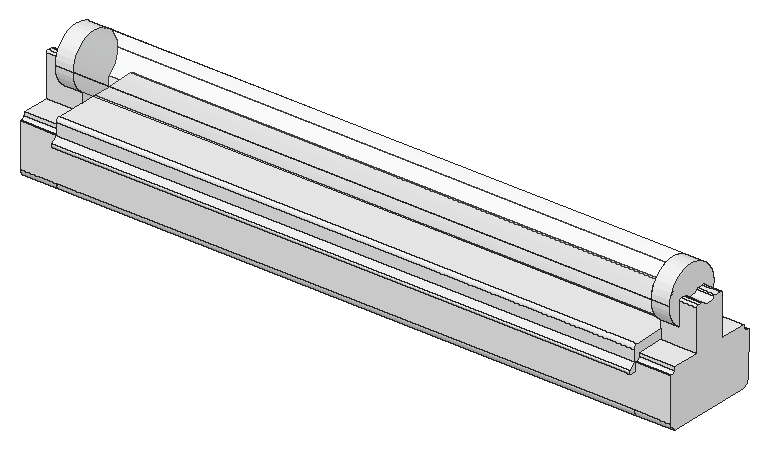
Revit family "CH1.5", category Lighting Fixtures, host Face, Revit 2012
Parameters (values of type "CH1.5")
  Wattage Comments = "14W - 54W"
  Wattage = 54 W
  built-in parameter 1150110 = 1 (stored number, unit not read)
  URL = "http://www.columbialighting.com/"
  built-in parameter 1114217 = 1 (stored number, unit not read)
  Tilt Angle = -90.00°
  built-in parameter 1150109 = 1 (stored number, unit not read)
  built-in parameter 1150134 = 3
  built-in parameter 1150113 = 1 (stored number, unit not read)
  Product Page URL = "http://www.columbialighting.com/products/ch"
  Product Documentation Link = "http://www.columbialighting.com/content/products/specs/specs_files/ch1_5.pdf"
  Photometric Web File = "generic"
  built-in parameter 1150142 = (empty or 0)
  Model = "CH1.5"  # constant formula
  Manufacturer Phone = "864.678.1000"  # constant formula
  Manufacturer Fax = "866.898.1065"  # constant formula
  Manufacturer = "Columbia Lighting"  # constant formula
  built-in parameter 1150105 = 638.31 (stored number, unit not read)
  Lumens = 8021.27 lm
  built-in parameter 1150115 = 1 (stored number, unit not read)
  built-in parameter 1150137 = (empty or 0)
  built-in parameter 1150139 = (empty or 0)
  built-in parameter 1150112 = 1 (stored number, unit not read)
  built-in parameter 1150114 = 1 (stored number, unit not read)
  Lamp = "1"  # constant formula
  built-in parameter 1150132 = (empty or 0)
  built-in parameter 1150102 = (empty or 0)
  built-in parameter 1150107 = 3200 (stored number, unit not read)
  built-in parameter 1150138 = (empty or 0)
  built-in parameter 1150106 = 6.3831 (stored number, unit not read)
  Glass = Glass
  Emit from Line Length = 15.000"
  built-in parameter 1150104 = 13.8 (stored number, unit not read)
  Dimming Lamp Color Temperature Shift = <None>
  Description = "18 Heavy Duty Narrow Channel / 1-Lamp T12"  # constant formula
  Default Elevation = 48.000"
  Color Filter = 16777215
  built-in parameter 1114218 = 1 (stored number, unit not read)
  Backbox = White
  built-in parameter 1150133 = 10 (stored number, unit not read)
Reference planes (in)
  plane 1 "Center (Front/Back)": y = 0.03999
  plane 2: z = 0
  plane 3 "Center (Left/Right)": x = -6.92646
  plane 4: y = 1.53999
  plane 5: y = -1.46001
  plane 6: x = -15.92646
  plane 7: x = 2.07354
  plane 8: x = -15.42646
  plane 9: x = 1.57354
  plane 10: z = 3.4375
  plane 11: z = 1.5625
  plane 12: x = 1.07354
  plane 13: x = -14.92646
  plane 14: z = 1.8125
Forms (in)
  Extrusion 1, solid, material "White" <- "Backbox"
    sketch origin (-6.92646, 0, 0) x (0, 1, 0) y (0, 0, 1)
      loop
        line (0.03999, 1.5625) -> (-1.1639, 1.5625) -> (-1.1639, 1.4809)
        arc (-1.1639, 1.4809) -> (-1.18847, 1.42158) -> (-1.2478, 1.397) r 0.08389
        line (-1.2478, 1.397) -> (-1.30283, 1.397) -> (-1.30283, 0.20563)
        arc (-1.30283, 0.20563) -> (-1.24261, 0.06023) -> (-1.09721, 0) r 0.20563
        line (-1.09721, 0) -> (0.03999, 0) -> (1.17719, 0)
        arc (1.17719, 0) -> (1.32259, 0.06023) -> (1.38282, 0.20563) r 0.20563
        line (1.38282, 0.20563) -> (1.38282, 1.397) -> (1.32778, 1.397)
        arc (1.32778, 1.397) -> (1.26846, 1.42158) -> (1.24388, 1.4809) r 0.08389
        line (1.24388, 1.4809) -> (1.24388, 1.5625) -> (0.03999, 1.5625)
    from -9 to -8
  Extrusion 2, solid, material "White" <- "Backbox"
    sketch origin (-6.92646, 0, 0) x (0, 1, 0) y (0, 0, 1)
      loop
        line (1.38282, 0.20563) -> (1.38282, 1.147) -> (1.48609, 1.147)
        arc (1.48609, 1.147) -> (1.53766, 1.18078) -> (1.52729, 1.24156) r 0.05626
        arc (1.52729, 1.24156) -> (1.45578, 1.31995) -> (1.38282, 1.397) r 5.7198
        line (1.38282, 1.397) -> (1.38282, 1.71027)
        arc (1.38282, 1.71027) -> (1.35288, 1.78256) -> (1.28059, 1.8125) r 0.10223
        line (1.28059, 1.8125) -> (0.03999, 1.8125) -> (-1.20061, 1.8125)
        arc (-1.20061, 1.8125) -> (-1.27289, 1.78256) -> (-1.30283, 1.71027) r 0.10223
        line (-1.30283, 1.71027) -> (-1.30283, 1.397)
        arc (-1.30283, 1.397) -> (-1.37579, 1.31995) -> (-1.44731, 1.24156) r 5.7198
        arc (-1.44731, 1.24156) -> (-1.45768, 1.18078) -> (-1.40611, 1.147) r 0.05626
        line (-1.40611, 1.147) -> (-1.30283, 1.147) -> (-1.30283, 0.20563)
        arc (-1.30283, 0.20563) -> (-1.24261, 0.06023) -> (-1.09721, 0) r 0.20563
        line (-1.09721, 0) -> (0.03999, 0) -> (1.17719, 0)
        arc (1.17719, 0) -> (1.32259, 0.06023) -> (1.38282, 0.20563) r 0.20563
    from -8 to 8
  Extrusion 3, solid, material "White" <- "Backbox"
    sketch origin (-6.92646, 0, 0) x (0, 1, 0) y (0, 0, 1)
      loop
        line (1.24388, 1.4809) -> (1.24388, 1.5625) -> (0.03999, 1.5625) -> (-1.1639, 1.5625) -> (-1.1639, 1.4809)
        arc (-1.1639, 1.4809) -> (-1.18847, 1.42158) -> (-1.2478, 1.397) r 0.08389
        line (-1.2478, 1.397) -> (-1.30283, 1.397) -> (-1.30283, 0.20563)
        arc (-1.30283, 0.20563) -> (-1.24261, 0.06023) -> (-1.09721, 0) r 0.20563
        line (-1.09721, 0) -> (0.03999, 0) -> (1.17719, 0)
        arc (1.17719, 0) -> (1.32259, 0.06023) -> (1.38282, 0.20563) r 0.20563
        line (1.38282, 0.20563) -> (1.38282, 1.397) -> (1.32778, 1.397)
        arc (1.32778, 1.397) -> (1.26846, 1.42158) -> (1.24388, 1.4809) r 0.08389
    from 8 to 9
  Extrusion 4, solid, material "White" <- "Backbox"
    sketch origin (-6.92646, 0, 0) x (0, 1, 0) y (0, 0, 1)
      loop
        circle (0.03999, 2.67788) r 0.75962
    from 8 to 8.5
  Extrusion 5, solid, material "White" <- "Backbox"
    sketch origin (-6.92646, 0, 0) x (0, 1, 0) y (0, 0, 1)
      loop
        line (-0.20913, 2.7447) -> (-0.33744, 2.7447)
        arc (-0.33744, 2.7447) -> (-0.37267, 2.73011) -> (-0.38726, 2.69488) r 0.04982
        line (-0.38726, 2.69488) -> (-0.38726, 1.5625) -> (0.46724, 1.5625) -> (0.46724, 2.6918)
        arc (0.46724, 2.6918) -> (0.45174, 2.72921) -> (0.41433, 2.7447) r 0.05291
        line (0.41433, 2.7447) -> (0.2463, 2.7447)
        arc (0.2463, 2.7447) -> (0.22298, 2.73902) -> (0.20488, 2.72324) r 0.0507
        arc (0.20488, 2.72324) -> (0.02033, 2.62769) -> (-0.16483, 2.72204) r 0.22742
        arc (-0.16483, 2.72204) -> (-0.18425, 2.73871) -> (-0.20913, 2.7447) r 0.05462
    from -9 to -8
  Extrusion 6, solid, material "White" <- "Backbox"
    sketch origin (-6.92646, 0, 0) x (0, 1, 0) y (0, 0, 1)
      loop
        line (0.41433, 2.7447) -> (0.2463, 2.7447)
        arc (0.2463, 2.7447) -> (0.22298, 2.73902) -> (0.20488, 2.72324) r 0.0507
        arc (0.20488, 2.72324) -> (0.02033, 2.62769) -> (-0.16483, 2.72204) r 0.22742
        arc (-0.16483, 2.72204) -> (-0.18425, 2.73871) -> (-0.20913, 2.7447) r 0.05462
        line (-0.20913, 2.7447) -> (-0.33744, 2.7447)
        arc (-0.33744, 2.7447) -> (-0.37267, 2.73011) -> (-0.38726, 2.69488) r 0.04982
        line (-0.38726, 2.69488) -> (-0.38726, 1.5625) -> (0.46724, 1.5625) -> (0.46724, 2.6918)
        arc (0.46724, 2.6918) -> (0.45174, 2.72921) -> (0.41433, 2.7447) r 0.05291
    from 8 to 9
  Extrusion 7, solid, material "Glass" <- "Glass"
    sketch origin (-6.92646, 0, 0) x (0, 1, 0) y (0, 0, 1)
      loop
        circle (0.03999, 2.67788) r 0.75
    from -8 to 8
  Extrusion 8, solid, material "White" <- "Backbox"
    sketch origin (-6.92646, 0, 0) x (0, 1, 0) y (0, 0, 1)
      loop
        circle (0.03999, 2.67788) r 0.75
    from -8 to -8.5
Cuts and joins
  joined: Extrusion 1, Extrusion 2, Extrusion 3, Extrusion 4, Extrusion 5, Extrusion 6, Extrusion 8
Lines and regions (in)
  model lines
    curve 1: circle (2.07354, 0.04069, 0.78321) r 0.5 normal (1, 0, 0)
    curve 2: circle (2.07354, 0.03253, 0.77505) r 0.28793 normal (1, 0, 0)
    curve 3: circle (2.07354, 0.97735, 1.13799) r 0.09942 normal (1, 0, 0)
    curve 4: circle (2.07354, -0.89737, 1.13799) r 0.09942 normal (-1, 0, 0)
    curve 5: circle (-15.92646, 0.04069, 0.78321) r 0.5 normal (1, 0, 0)
    curve 6: circle (-15.92646, 0.03253, 0.77505) r 0.28793 normal (1, 0, 0)
    curve 7: circle (-15.92646, 0.97735, 1.13799) r 0.09942 normal (1, 0, 0)
    curve 8: circle (-15.92646, -0.89737, 1.13799) r 0.09942 normal (-1, 0, 0)
Dimensions and locks (in)
  equal spacing: plane 4, plane 1 "Center (Front/Back)", plane 5
  locked: plane 4 to plane 5 at 3
  equal spacing: plane 7, plane 3 "Center (Left/Right)", plane 6
  locked: plane 7 to plane 6 at 18
  locked: plane 8 to plane 6 at 0.5
  locked: plane 9 to plane 7 at 0.5
  locked: plane 10 to level at 3.4375
  locked: plane 11 to host face at 1.5625
  locked: plane 12 to plane 7 at 1
  locked: plane 13 to plane 6 at 1
  locked: plane 14 to host face at 1.8125
  equal spacing: Extrusion 5 sketch curve, plane 1 "Center (Front/Back)", Extrusion 5 sketch curve
  aligned and locked: plane 2 to host face
  aligned and locked: level to host face
  aligned and locked: plane 3 "Center (Left/Right)" to imposter light
  aligned and locked: Extrusion 2 sketch curve to Extrusion 1  (x2)
  aligned and locked: Extrusion 3 sketch curve to Extrusion 1  (x10)
  aligned and locked: Extrusion 2 to plane 13
  aligned and locked: Extrusion 2 to plane 12
  aligned and locked: Extrusion 3 to plane 7
  aligned and locked: plane 12 to Extrusion 3
  aligned and locked: Extrusion 1 to plane 6
  aligned and locked: plane 13 to Extrusion 1
  aligned and locked: Extrusion 4 to plane 9
  aligned and locked: plane 12 to Extrusion 4
  aligned and locked: Extrusion 5 sketch curve to Extrusion 5 sketch curve
  aligned and locked: plane 11 to Extrusion 5 sketch curve
  aligned and locked: Extrusion 6 sketch curve to Extrusion 5  (x7)
  aligned and locked: Extrusion 6 to plane 7
  aligned and locked: plane 12 to Extrusion 6
  aligned and locked: Extrusion 5 to plane 6
  aligned and locked: plane 13 to Extrusion 5
  aligned and locked: Extrusion 8 sketch curve to Extrusion 7  (x2)
  aligned and locked: Extrusion 8 to plane 13
  aligned and locked: Extrusion 8 to plane 8
  aligned and locked: Extrusion 7 to plane 13
  aligned and locked: Extrusion 7 to plane 12
  aligned and locked: imposter light to plane 1 "Center (Front/Back)"
  aligned and locked: imposter light to cut or joined group of Extrusion 1, Extrusion 2, Extrusion 3, Extrusion 4, Extrusion 5, Extrusion 6, Extrusion 8
Automatic sketch dimensions
  host sketch curve to host sketch curve = 96.000"  (x2)
  Extrusion 1 sketch curve to plane 11 = 0.000"
  Extrusion 1 sketch curve to level = 0.000"
  Extrusion 1 sketch curve to plane 1 "Center (Front/Back)" = 0.000"  (x2)
  plane 5 to Extrusion 1 sketch curve = 0.3628"
  Extrusion 1 sketch curve to plane 11 = 0.0816"
  plane 5 to Extrusion 1 sketch curve = 0.29611"
  Extrusion 1 sketch curve to Extrusion 1 sketch curve = 0.08389"  (x2)
  plane 5 to Extrusion 1 sketch curve = 0.15717"
  plane 4 to Extrusion 1 sketch curve = 0.3628"
  plane 4 to Extrusion 1 sketch curve = 0.29611"
  Extrusion 1 sketch curve to Extrusion 1 sketch curve = 0.05504"
  Extrusion 1 sketch curve to plane 11 = 0.1655"
  Extrusion 4 sketch curve to plane 1 "Center (Front/Back)" = 0.000"
  Extrusion 4 sketch curve to plane 10 = 0.75962"
  plane 1 "Center (Front/Back)" to Extrusion 5 sketch curve = 0.42725"
  Extrusion 5 sketch curve to Extrusion 5 sketch curve = 0.04982"
  Extrusion 5 sketch curve to Extrusion 5 sketch curve = 0.12831"
  Extrusion 5 sketch curve to Extrusion 5 sketch curve = 0.04429"
  Extrusion 5 sketch curve to Extrusion 5 sketch curve = 0.000"  (x2)
  plane 1 "Center (Front/Back)" to Extrusion 5 sketch curve = 0.0204"
  Extrusion 5 sketch curve to plane 1 "Center (Front/Back)" = 0.16489"
  Extrusion 5 sketch curve to Extrusion 5 sketch curve = 0.04142"
  Extrusion 5 sketch curve to Extrusion 5 sketch curve = 0.05291"
  Extrusion 5 sketch curve to plane 10 = 0.7457"
  Extrusion 7 sketch curve to Extrusion 7 sketch curve = 0.000"  (x2)
  Extrusion 7 sketch curve to plane 1 "Center (Front/Back)" = 0.000"
  plane 5 to Extrusion 7 sketch curve = 0.750"
  Extrusion 7 sketch curve to plane 10 = 0.75962"
  Extrusion 2 sketch curve to plane 14 = 0.000"
  Extrusion 2 sketch curve to plane 1 "Center (Front/Back)" = 0.000"  (x2)
  level to Extrusion 2 sketch curve = 0.20563"
  plane 5 to Extrusion 2 sketch curve = 0.3628"
  plane 5 to Extrusion 2 sketch curve = 0.2594"
  Extrusion 2 sketch curve to Extrusion 2 sketch curve = 0.10223"
  plane 5 to Extrusion 2 sketch curve = 0.0539"
  plane 5 to Extrusion 2 sketch curve = 0.0127"
  Extrusion 2 sketch curve to plane 5 = 1.27383"
  plane 4 to Extrusion 2 sketch curve = 0.2594"
  plane 4 to Extrusion 2 sketch curve = 0.15717"
  plane 4 to Extrusion 2 sketch curve = 0.0539"
  plane 4 to Extrusion 2 sketch curve = 0.0127"
  Extrusion 2 sketch curve to plane 4 = 1.27383"
  Extrusion 2 sketch curve to level = 2.57406"  (x2)
  Extrusion 2 sketch curve to plane 11 = 0.4155"  (x2)
  Extrusion 2 sketch curve to Extrusion 2 sketch curve = 0.05626"  (x2)
  Extrusion 3 sketch curve to plane 1 "Center (Front/Back)" = 0.000"  (x2)
  curve 4 to Extrusion 3 = 0.26653"
  curve 4 to curve 2 = 0.9299"
  curve 2 to curve 1 = 0.00816"  (x2)
  curve 3 to Extrusion 3 = 0.26653"
  curve 2 to Extrusion 3 = 0.62195"
  curve 4 to Extrusion 3 = 0.25901"
  curve 3 to Extrusion 3 = 0.25901"
  plane 5 to curve 8 = 0.56264"
  plane 1 "Center (Front/Back)" to curve 6 = 0.00746"
  curve 5 to plane 1 "Center (Front/Back)" = 0.0007"
  plane 4 to curve 7 = 0.56264"
  curve 8 to plane 11 = 0.42451"
  curve 7 to plane 11 = 0.42451"
  curve 5 to plane 11 = 0.77929"
  curve 5 to curve 6 = 0.00816"
  radius of Extrusion 4 sketch curve = 0.75962"
  radius of curve 1 = 0.500"
  radius of curve 2 = 0.28793"
  radius of curve 3 = 0.09942"
  radius of curve 4 = 0.09942"
  radius of curve 5 = 0.500"
  radius of curve 6 = 0.28793"
  radius of curve 7 = 0.09942"
  radius of curve 8 = 0.09942"
Connectors (in)
  electrical at (-6.92646, 0, 0), driven by "Description"
    settings: index 1, voltage 0 V, apparent load 0 VA, apparent load phase1 0 VA, apparent load phase2 0 VA, apparent load phase3 0 VA, power factor 1, load classification "Other", number of poles 1, system type 30, power factor state 1, is connector primary yes, connector utility no, sub classification motor no, connector description "18 Heavy Duty Narrow Channel / 1-Lamp T12"
